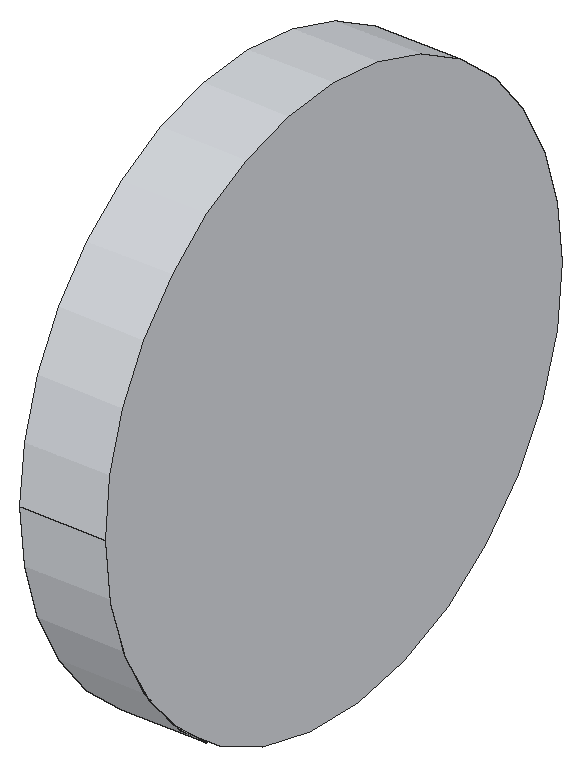
Revit family "31a4c085893c4468b477bb560588c730", category Pipe Fittings, Revit 2021
Family settings
  Round Connector Dimension = Use Radius
  Part Type = Cap
  OmniClass Number = 23.60.30.11.14
  OmniClass Title = Pipework Fittings
  Seek Item ID = Flange - Blind - Steel - Class 400-0000-USA-ENU
  Work Plane-Based = No
  Always vertical = Yes
  Cut with Voids When Loaded = No
  Shared = No
Parameters (values of type "Standard")
  Tick Size [instance] = Flange Outside Diameter * 0.4  # 1.49606"
  Raised Face Thickness [instance] = 1/4"  # constant formula
  Raised Face Radius [instance] = Raised Face Diameter / 2  # 0.68701"
  Raised Face Diameter [instance] = size_lookup(Lookup Table Name, "RFD", 1.11 * Nominal Diameter + 1 47/128", Nominal Diameter)  # 1.37402"
  Nominal Radius [instance] = 1/4"
  Nominal Diameter [instance] = Nominal Radius * 2  # 1/2"
  Loss Method = Not Defined
  Lookup Table Name = "Flange - Blind - Steel - Class 400"
  Flange Thickness [instance] = size_lookup(Lookup Table Name, "FThk", 0.11 * Nominal Diameter + 211/256", Nominal Diameter)  # 0.56299"
  Flange Outside Radius [instance] = Flange Outside Diameter / 2  # 1.87008"
  Flange Outside Diameter [instance] = size_lookup(Lookup Table Name, "FOD", 1.37 * Nominal Diameter + 3 29/32", Nominal Diameter)  # 3.74016"
  Default Elevation = 0' - 0"
Reference planes (in)
  plane 1 "Center (Front/Back)": y = 0
  plane 2: z = 0
  plane 3 "Center (Left/Right)": x = 0
  plane 4: x = 0.25
  plane 5: x = 0.81299
  plane 6: y = 1.49606
  plane 7: y = -1.49606
Forms (in)
  Extrusion 1, solid, detail levels fine
    sketch origin (0, 0, 0) x (0, 1, 0) y (0, 0, 1)
      loop
        circle (0, 0) r 0.68701
    from 0 to 0.25
  Extrusion 2, solid, detail levels fine
    sketch origin (0, 0, 0) x (0, 1, 0) y (0, 0, 1)
      loop
        circle (0, 0) r 1.87008
    from 0.25 to 0.81299
Cuts and joins
  joined: Extrusion 1, Extrusion 2
Lines and regions (in)
  model lines, detail levels coarse+medium
    curve 1: line (0, 1.49606, 0) -> (0, -1.49606, 0)
Dimensions and locks (in)
  "Raised Face Thickness": plane 3 "Center (Left/Right)" to plane 4
  "Flange Thickness": plane 4 to plane 5
  equal spacing: plane 6, plane 1 "Center (Front/Back)", plane 7
  "Tick Size": plane 6 to plane 1 "Center (Front/Back)"
  "Raised Face Radius": radius of Extrusion 1 sketch curve
  "Flange Outside Radius": radius of Extrusion 2 sketch curve
  aligned and locked: plane 6 to curve 1
  aligned and locked: plane 7 to curve 1
  aligned and locked: plane 1 "Center (Front/Back)" to Extrusion 1 sketch curve
  aligned and locked: plane 2 to Extrusion 1 sketch curve
  aligned and locked: Extrusion 1 to plane 3 "Center (Left/Right)"
  aligned and locked: plane 4 to Extrusion 1
  aligned and locked: plane 1 "Center (Front/Back)" to Extrusion 2 sketch curve
  aligned and locked: plane 2 to Extrusion 2 sketch curve
  aligned and locked: Extrusion 2 to plane 4
  aligned and locked: plane 5 to Extrusion 2
Automatic sketch dimensions
  curve 1 to plane 6 = 0' - 0"
  curve 1 to plane 3 "Center (Left/Right)" = 0' - 0"
  Extrusion 2 sketch curve to level = 0' - 0"
Connectors (in)
  piping at (0, 0, 0), diameter 0.5, driven by "Nominal Radius"
    settings: on cut or joined group of Extrusion 1, Extrusion 2, index 1, connector inside diameter 1/2", connector length 0' - 0", flow factor 0, pipe flow 0 GPM, pressure drop 0.00 psi, fitting loss kfactor 0, connector angle 0.00°, fixture units 0, engagement length 0' - 0", angle of deflection 0.00°, flow configuration 0, flow direction 0, fitting loss method 0, system type 28, joint type 0, gender type 0, connector reference index -1, connector utility 0, adjustable connector no, is connector primary yes, connector description ""
